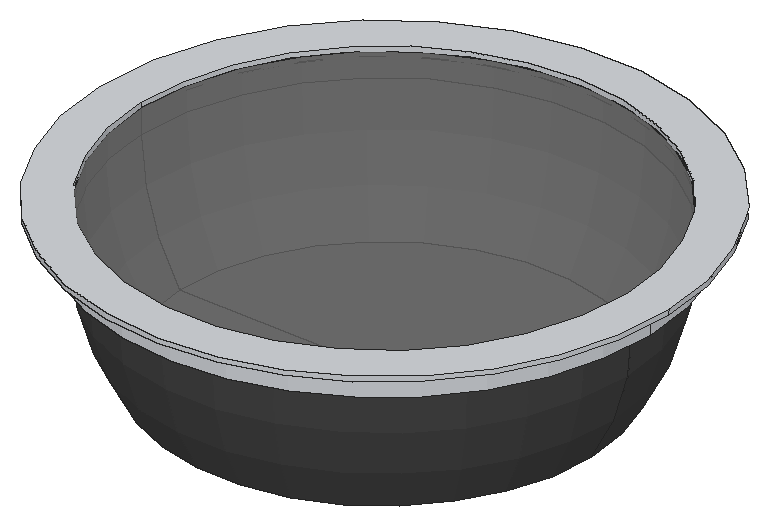
Revit family "3031827 Lighting Fixture_Sylvania_Syl-Lighter II_Ceiling Recessed", category Lighting Fixtures, host Face, Revit 2017
Family settings
  Host = Face
  Round Connector Dimension = Use Diameter
  Part Type = Normal
  OmniClass Number = 23.80.70.11.17
  OmniClass Title = Specialized Lighting by Location or Use
  Cut with Voids When Loaded = No
  Light Source = Yes
  Shared = No
  Room Calculation Point = No
Parameters (values of type "Syl-Lighter LED II 240 RO 25W NW 1-10V")
  Weight = 0.60 kg
  Wattage = 24.1685 W
  built-in parameter 1150110 = 1 (stored number, unit not read)
  Voltage Comments = "UNV (Universal Voltage; 220-240 Volt)"  # constant formula
  Voltage = 240 V  # constant formula
  URL = "http://www.sylvania-lighting.com"
  built-in parameter 1114217 = 1 (stored number, unit not read)
  Tilt Angle = -90.00°  # constant formula
  built-in parameter 1150109 = 1 (stored number, unit not read)
  built-in parameter 1150134 = 12
  Ta Rating = "-10°C to +40°C"  # constant formula
  built-in parameter 1150113 = 1 (stored number, unit not read)
  Recessed Depth = Height  # 65.0 mm
  IP Rating = "IP44"  # constant formula
  IK Rating = "IK07"  # constant formula
  Energy Class = "A++, A+, A"  # constant formula
  Dimmable = "DALI"  # constant formula
  Catalog Number = "3031827 Syl-Lighter LED II 240 RO 25W NW 1-10V"
  Body Material = Metal_Sylvania_Syl-Lighter LED II_Silver
  Product Page URL = "http://www.sylvania-lighting.com/product/en-int/products/3031827"
  Product Family = "SYL-LIGHTER LED II"  # constant formula
  Photometry Comments = ""
  Photometric Web File = "3031827_Syl-LighterLEDII240RO25WNW1-10V-187685.ies"
  built-in parameter 1150105 = 1336.4 (stored number, unit not read)
  Lumens = 2289 lm
  built-in parameter 1150115 = 1 (stored number, unit not read)
  built-in parameter 1150137 = (empty or 0)
  built-in parameter 1150139 = (empty or 0)
  Life = "50 000h"  # constant formula
  built-in parameter 1150112 = 1 (stored number, unit not read)
  built-in parameter 1150114 = 1 (stored number, unit not read)
  Lamp Comments = "Integrated LED"
  built-in parameter 1150132 = 2
  built-in parameter 1150102 = (empty or 0)
  built-in parameter 1150107 = 4000 (stored number, unit not read)
  built-in parameter 1150138 = (empty or 0)
  built-in parameter 1150106 = 13.364 (stored number, unit not read)
  Glow Wire Test = 650 °C  # constant formula
  Emit from Circle Diameter = Diffuser Diameter  # 205.0 mm
  Emit Shape Visible in Rendering = no
  built-in parameter 1150104 = 8.7988 (stored number, unit not read)
  Drive Current = "450mA"
  Dimming Lamp Color Temperature Shift = <None>
  Diffuser Radius = Diffuser Diameter / 2  # 102.5 mm
  Diffuser Diameter = Diameter - 20.0 mm  # 205.0 mm
  Inner Diameter = Diameter - 4.0 mm  # 221.0 mm
  Cutout Diameter = Diameter  # 225.0 mm
  Color Filter = 16777215
  Beam Angle = 74.00°
  built-in parameter 1114218 = 1 (stored number, unit not read)
  built-in parameter 1150133 = 10 (stored number, unit not read)
  Height = 65.0 mm
  Electrical Protection = "CLASS II"  # constant formula
  built-in parameter 1114216 [instance] = 1 (stored number, unit not read)
  Model = "Syl-Lighter LED II 240 RO 25W NW 1-10V"
  Manufacturer = "Feilo Sylvania"
  Lamp = "LED"
  Diffuser Material = Polycarbonate_Sylvania_Syl-Lighter LED II_Opal
  Description = "Syl-Lighter LED II is available in 4 different round body sizes: 165mm, 195mm, 220mm & 240mm Syl-Lighter LED II 165 12W delivers a 1,134 lumen output (4,000K) - perfect for 1x26W CFL replacement Syl-Lighter LED II 195 15W delivers a 1,480 lumen output (4,000K) - perfect for 1x32W/2x18W CFL replacement Syl-Lighter LED II 220 21W delivers a 1,989 lumen output (4,000K) - perfect for 1x42W CFL replacement Syl-Lighter LED II 240 25W delivers a 2,289 lumen output (4,000K)- perfect for 2x26W CFL replacement High efficacy up to 99lm/W (Syl-Lighter LED II 195 4,000K) IP44 rating allows for installation in applicable wet zone areas Choice of 3,000K (warm white) or 4,000K (neutral white) Shallow recess depth of <65mm Can replace existing large CFL downlights using a 225mm ceiling cut out (Syl-Lighter LED II 240) Energy efficient electronic gear including analogue 1-10V and DALI dimmable options IK07 polycarbonate diffuser allows for a wider light distribution than a reflector downlight, allowing for increased spacings between luminaires 3 hour emergency pack available (to be ordered in addition to the luminaire) Ideal for applications such as corridors, public WCs and back of house areas Quick and easy to install Loop in-Loop out facility with red push fit terminal block for quick wiring White bezel (RAL 9003) Energy Class: A++, A+, A Long lifetime: 50,000 hours life at L70 (L80: 30,000 hours, L90: 15,000 hours)"  # constant formula
  Default Elevation = 0.0 mm
  built-in parameter 1140040 [instance] = 1
  Assembly Code = "D5020200"
  Apparent Load Comments = ""
  Apparent Load = 25 VA
  Accessory Radius = Accessory Diameter / 2  # 120.0 mm
  Accessory Material = Aluminum_Sylvania_Syl-Lighter LED II_White_RAL 9003
  Diameter = 225.0 mm
  Accessory Diameter = 240.0 mm
Reference planes
  plane 1 "Center (Front/Back)": y = 0
  plane 2: z = 0
  plane 3 "Center (Left/Right)": x = 0
  plane 4 "Fixture Bottom": z = 2
  plane 5: z = -10
  plane 6 "Fixture Top": z = -65
  plane 7: z = -2
Forms (mm)
  Extrusion 1, void
    sketch origin (0, 0, 58) x (-1, 0, 0) y (0, -1, 0)
      loop
        circle (0, 0) r 112.5
    from -171 to -55
  Extrusion 2, solid, detail levels fine
    sketch origin (0, 0, 58) x (-1, 0, 0) y (0, -1, 0)
      loop
        circle (0, 0) r 112.5
      loop
        circle (0, 0) r 110.5
    from -68 to -58
  Extrusion 3, solid, detail levels fine
    sketch origin (0, 0, 58) x (-1, 0, 0) y (0, -1, 0)
      loop
        circle (0, 0) r 120
      loop
        circle (0, 0) r 102.5
    from -58 to -56
  Extrusion 4, solid, material "Polycarbonate_Sylvania_Syl-Lighter LED II_Opal" <- "Diffuser Material", detail levels fine
    sketch origin (0, 0, 58) x (-1, 0, 0) y (0, -1, 0)
      loop
        circle (0, 0) r 102.5
    from -60 to -58
  Revolve 5, solid, material "Metal_Sylvania_Syl-Lighter LED II_Silver" <- "Body Material", detail levels fine
    sketch origin (0, 0, 0) x (1, 0, 0) y (0, 0, 1)
      loop
        line (-102.5, 0) -> (-104.5, 0) -> (-104.5, -10)
        arc (-104.5, -10) -> (-100.153, -38.784) -> (-87.5, -65) r 97.471
        line (-87.5, -65) -> (0, -65) -> (0, -63) -> (-86.437, -63)
        arc (-86.437, -63) -> (-98.396, -37.69) -> (-102.5, -10) r 95.471
        line (-102.5, -10) -> (-102.5, 0)
      axis (0, -65) -> (0, 0)
    angle from 0 to 360
  Revolve 6, solid, material "Aluminum_Sylvania_Syl-Lighter LED II_White_RAL 9003" <- "Accessory Material", detail levels coarse+medium
    sketch origin (0, 0, 0) x (1, 0, 0) y (0, 0, 1)
      loop
        line (-120, 2) -> (-120, 0) -> (-112.5, 0) -> (-112.5, -10) -> (-104.5, -10)
        arc (-104.5, -10) -> (-100.153, -38.784) -> (-87.5, -65) r 97.471
        line (-87.5, -65) -> (0, -65) -> (0, 2) -> (-120, 2)
      axis (0, 2) -> (0, -65)
    angle from 0 to 360
Cuts and joins
  joined: Extrusion 2, Extrusion 3
Lines and regions (mm)
  Masking region 1
    outline origin (0, 0, 58) x (-1, 0, 0) y (0, -1, 0)
      loop
        circle (0, 0) r 120
  symbolic lines, detail levels fine
    curve 1: arc (-102.5, 0, 58) -> (0, 102.5, 58) -> (102.5, 0, 58) r 102.5
    curve 2: arc (102.5, 0, 58) -> (0, -102.5, 58) -> (-102.5, 0, 58) r 102.5
Dimensions and locks
  locked: plane 4 "Fixture Bottom" to plane 2 at 2
  locked: plane 2 to plane 5 at 10
  "Height": plane 2 to plane 6 "Fixture Top"
  locked: plane 2 to plane 7 at 2
  "Diffuser Radius": plane 3 "Center (Left/Right)" to Revolve 5 sketch curve
  locked: Revolve 5 sketch curve to Revolve 5 sketch curve at 2
  locked: Revolve 5 sketch curve to Revolve 5 sketch curve at 15
  "Accessory Radius": plane 3 "Center (Left/Right)" to Revolve 6 sketch curve
  Revolve 6 sketch curve to Revolve 6 sketch curve to Revolve 6 sketch curve to Revolve 6 sketch curve = 7.5 mm locked, 8.0 mm locked, 17.0 mm locked
  "Cutout Diameter": diameter of Extrusion 1 sketch curve
  "Diameter": diameter of Extrusion 2 sketch curve
  "Inner Diameter": diameter of Extrusion 2 sketch curve
  "Accessory Diameter": diameter of Extrusion 3 sketch curve
  "Diffuser Diameter": diameter of Extrusion 3 sketch curve
  "Diffuser Diameter": diameter of Extrusion 4 sketch curve
  "Accessory Diameter": diameter of Masking region 1 sketch curve
  aligned and locked: host face to plane 2
  aligned and locked: host face to level
  aligned and locked: plane 4 "Fixture Bottom" to Extrusion 3
  aligned and locked: Extrusion 3 to plane 2
  aligned and locked: Extrusion 2 to plane 5
  aligned and locked: Extrusion 2 to plane 2
  aligned and locked: Extrusion 4 to plane 7
  aligned and locked: plane 2 to Extrusion 4
  aligned and locked: Revolve 5 sketch curve to plane 2
  aligned and locked: plane 5 to Revolve 5 sketch curve  (x2)
  aligned and locked: Revolve 5 sketch curve to plane 3 "Center (Left/Right)"
  aligned and locked: plane 3 "Center (Left/Right)" to Revolve 5 sketch curve
  aligned and locked: Revolve 6 sketch curve to plane 5
  aligned and locked: Revolve 6 sketch curve to plane 2
  aligned and locked: Revolve 6 sketch curve to plane 4 "Fixture Bottom"
  aligned and locked: plane 3 "Center (Left/Right)" to Revolve 6 sketch curve
  aligned and locked: Revolve 6 sketch curve to plane 3 "Center (Left/Right)"
  aligned and locked: plane 3 "Center (Left/Right)" to imposter light
  aligned and locked: imposter light to plane 1 "Center (Front/Back)"
  aligned and locked: imposter light to plane 4 "Fixture Bottom"
  aligned and locked: curve 1 to cut or joined group of Extrusion 2, Extrusion 3
Automatic sketch dimensions
  host sketch curve to host sketch curve = 700.0 mm
  host sketch curve to host sketch curve = 620.0 mm
  plane 1 "Center (Front/Back)" to Extrusion 1 sketch curve = 0.0 mm
  Extrusion 1 sketch curve to plane 3 "Center (Left/Right)" = 0.0 mm
  Extrusion 2 sketch curve to Extrusion 2 sketch curve = 0.0 mm  (x2)
  plane 1 "Center (Front/Back)" to Extrusion 2 sketch curve = 0.0 mm
  Extrusion 2 sketch curve to plane 3 "Center (Left/Right)" = 0.0 mm
  Extrusion 3 sketch curve to Extrusion 3 sketch curve = 0.0 mm  (x2)
  plane 1 "Center (Front/Back)" to Extrusion 3 sketch curve = 0.0 mm
  Extrusion 3 sketch curve to plane 3 "Center (Left/Right)" = 0.0 mm
  plane 1 "Center (Front/Back)" to Extrusion 4 sketch curve = 0.0 mm
  Extrusion 4 sketch curve to plane 3 "Center (Left/Right)" = 0.0 mm
  Revolve 5 sketch curve to Revolve 5 sketch curve = 0.0 mm
  Revolve 5 sketch curve to plane 6 "Fixture Top" = 0.0 mm
  plane 6 "Fixture Top" to Revolve 5 sketch curve = 2.0 mm
  Revolve 5 sketch curve to plane 6 "Fixture Top" = 17.111 mm
  plane 4 "Fixture Bottom" to Revolve 5 sketch curve = 20.889 mm
  Revolve 6 sketch curve to plane 6 "Fixture Top" = 0.0 mm
  Revolve 6 sketch curve to Revolve 6 sketch curve = 63.885 mm
  Revolve 6 sketch curve to Revolve 6 sketch curve = 84.115 mm
  plane 1 "Center (Front/Back)" to Masking region 1 sketch curve = 0.0 mm
  Masking region 1 sketch curve to plane 3 "Center (Left/Right)" = 0.0 mm
Connectors
  electrical at (0, 0, -65), driven by "Apparent Load", driven by "Voltage"
    settings: on Revolve 5, index 1, voltage 240 V, apparent load 0 VA, apparent load phase1 25 VA, apparent load phase2 0 VA, apparent load phase3 0 VA, power factor 1, load classification "Lighting", number of poles 1, system type 31, power factor state 1, is connector primary yes, connector utility no, sub classification motor no, connector description ""
